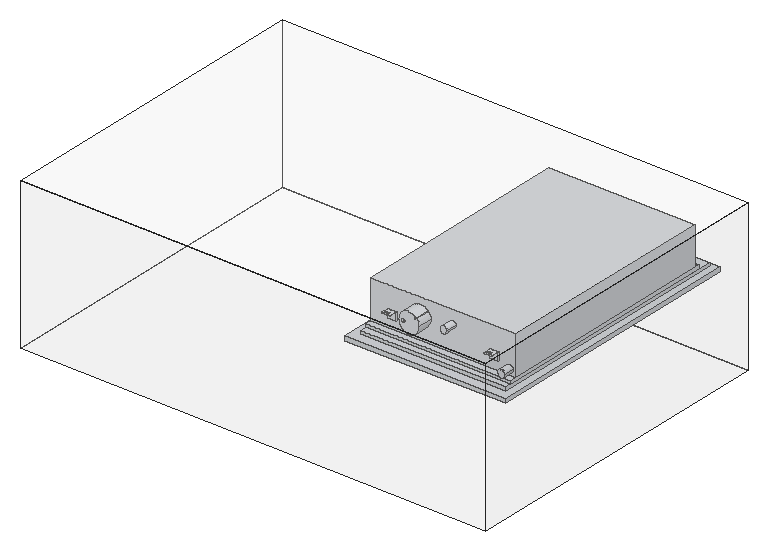
Revit family "pmfy-p36_80fmg9_50hz", category 機械設備, Revit 2019
Family settings
  丸型コネクタ寸法 = 直径を使用
  パーツ タイプ = 標準
  OmniClass 番号 = 23.75.10.24.21.27.27
  OmniClass タイトル = Split System Air Conditioning Units
  作業面ベース = いいえ
  常に垂直 = はい
  ロード時にボイドで切り取り = いいえ
  共有 = いいえ
  部屋計算ポイント = はい
Parameters (values of type "天井1方向_PMFY-P36FMG9")
  風量（静）（m3／min） = 11
  風量（強）（m3／min） = 14
  風量（弱）（m3／min） = 12
  風量（中）（m3／min） = 13
  風量 = MAX風量  # 840.0 m³/h
  音響パワーレベル（弱）(dB) = 47
  音響パワーレベル（中2）(dB) = 49
  音響パワーレベル（中1）(dB) = 51
  音響パワーレベル(dB) = 53
  電源種別 = ""
  電源_H = 60 mm
  電圧 = 200 V
  電動機出力_送風機 = 0.09 kW
  運転質量 = 0.00 kg
  連動 = ""
  質量 = if(製品質量 > 運転質量, 製品質量, 運転質量) * 1.2  # 39.00 kg
  負荷分類 = 3_ファン類
  構成品番 = "PMFY-P36FMG9"
  ドレン管径 (外径) = 32 mm
  ドレン管径 = 25 mm
  サービススペース = yes
  【値が 0 の項目は組合せ形名にてご確認ください】 = ""
  URL = "https://www.mitsubishielectric.co.jp/ldg/wink/ssl/displayProduct.do?pid=321266"
  説明 = "店舗・事務所用パッケージエアコン(Mr.SLIM) [本体]1方向天井カセット形"
  設計暖房能力 = 0.00 kW
  設計冷房能力_顕熱 = 0 kW
  設計冷房能力 = 0 kW
  設置方法 = "カセット形"
  記号 = ""
  製造元 = "三菱電機株式会社"
  製品質量 = 32.50 kg
  製品出荷対象 = "国内"
  製品リリース年月 = "2022/9/15"
  製品グループ = ""
  系統 = ""
  符号 = "PAC-CK1"
  積算_科目 = "1 空気調和設備"
  積算_拾い区分 [instance] = ""
  相 = 1
  盤記号 = ""
  発停方法 = "付属スイッチ"
  特殊仕様 = ""
  火災停止 = ""
  消費電力_暖房 = 0.06 kW
  消費電力_冷房 = 0.07 kW
  消費電力 = if(消費電力_冷房 > 消費電力_暖房, 消費電力_冷房, 消費電力_暖房)  # 0.07 kW
  法定耐用年数 = "6"
  極数 = 1
  材質 = ""
  本体マテリアル = none
  有効加湿量 = 0
  暖房能力 = 4.00 kW
  推奨ブレーカー容量 = 0 A
  形式_加湿器 = ""
  形式 = "1方向天井カセット形"
  幹線記号 = ""
  始動方式 = "直入"
  呼称 = "パッケージ形空気調和機_室内機"
  周波数 = 50 Hz
  吊り位置Y = 1173 mm
  吊り位置X = 510 mm
  吊りボルト_H = 117 mm
  台数_手元リモコン = ""
  台数_冷媒分岐ユニット = ""
  参照している仕様書等のバージョン = "公共建築工事標準仕様書（機械設備工事編）平成31年度版"
  加湿給水管径 = 0 mm
  分類コード = "50053003123030"
  分類グループ = ""
  冷房能力 = 3.6 kW
  冷媒高低圧ガス管径 = 0 mm
  冷媒管径符号 = "Ac"
  冷媒管径 = 100 mm
  冷媒液管高さ = 171 mm
  冷媒液管長さ = 72 mm
  冷媒液管径 = 6.4 mm
  冷媒ガス管高さ = 141 mm
  冷媒ガス管長さ = 72 mm
  冷媒ガス管径 = 12.7 mm
  企業コード = "108420"
  付属品_フィルター = ""
  付属品 = ""
  仕様書バージョン = "Version1.0"
  Model = ""
  パネルマテリアル = none
  ドレン管高さ = 159 mm
  コメント [instance] = ""
  ケーブル種類 = ""
  ケーブルサイズ = 0 mm
  Width = 724 mm
  Version = ""
  Uniclass2015Version = "Systems v1.9"
  Uniclass2015Title = "Split coil remote air cooled condensing units"
  Uniclass2015Code = "Pr_70_65_03_84"
  SpecificationReference = ""
  SpecificationDescription = ""
  S_H = 230 mm
  Revision = ""
  ProductInformation = ""
  Panel Width = 800 mm
  Panel Height = 20 mm
  Panel Depth = 1340 mm
  OmniClassCode = "23-33 17 13 11"
  MIN風量 = 風量（静）（m3／min） * 60.0 m³/h  # 660.0 m³/h
  MID風量2 = 風量（弱）（m3／min） * 60.0 m³/h  # 720.0 m³/h
  MID風量 = 風量（中）（m3／min） * 60.0 m³/h  # 780.0 m³/h
  MAX風量 = 風量（強）（m3／min） * 60.0 m³/h  # 840.0 m³/h
  IfcTypeProduct = ""
  IfcProduct = ""
  IfcExportType = "AIRCONDITIONINGUNIT"
  IfcExportAs = "IfcUnitaryEquipmentType"
  Height = 225 mm
  Depth = 1112 mm
  価格 = 0
  Clearance Top = 230 mm
  Clearance Right = 20 mm
  Clearance Left = 1500 mm
  Clearance Front = 150 mm
  Clearance Bottom = 500 mm
  Clearance Back = 150 mm
  Author = "三菱電機株式会社"
Types (5, lengths in mm): name | 風量（静）（m3／min） | 風量（強）（m3／min） | 風量（弱）（m3／min） | 風量（中）（m3／min） | 風量 | 音響パワーレベル（弱）(dB) | 音響パワーレベル（中2）(dB) | 音響パワーレベル（中1）(dB) | 音響パワーレベル(dB) | 電源_H | 電動機出力_送風機 | 質量 | 構成品番 | URL | 製品質量 | 消費電力_暖房 | 消費電力_冷房 | 消費電力 | 暖房能力 | 冷房能力 | 冷媒管径符号 | 冷媒液管径 | 冷媒ガス管径 | MIN風量 | MID風量2 | MID風量 | MAX風量
  天井1方向_PMFY-P36FMG9 | 11 | 14 | 12 | 13 | 840.0 m³/h | 47 | 49 | 51 | 53 | 60 | 0.09 kW | 39.00 kg | "PMFY-P36FMG9" | "https://www.mitsubishielectric.co.jp/ldg/wink/ssl/displayProduct.do?pid=321266" | 32.50 kg | 0.06 kW | 0.07 kW | 0.07 kW | 4.00 kW | 3.6 kW | "Ac" | 6.4 | 12.7 | 660.0 m³/h | 720.0 m³/h | 780.0 m³/h | 840.0 m³/h
  天井1方向_PMFY-P45FMG9 | 11 | 15 | 12 | 14 | 900.0 m³/h | 47 | 50 | 52 | 54 | 60 | 0.09 kW | 39.00 kg | "PMFY-P45FMG9" | "https://www.mitsubishielectric.co.jp/ldg/wink/ssl/displayProduct.do?pid=321237" | 32.50 kg | 0.06 kW | 0.07 kW | 0.07 kW | 5.00 kW | 4.5 kW | "Ac" | 6.4 | 12.7 | 660.0 m³/h | 720.0 m³/h | 840.0 m³/h | 900.0 m³/h
  天井1方向_PMFY-P56FMG9 | 11 | 16 | 12 | 14 | 960.0 m³/h | 48 | 50 | 52 | 55 | 60 | 0.09 kW | 39.00 kg | "PMFY-P56FMG9" | "https://www.mitsubishielectric.co.jp/ldg/wink/ssl/displayProduct.do?pid=321238" | 32.50 kg | 0.07 kW | 0.08 kW | 0.08 kW | 6.30 kW | 5.6 kW | "Ac" | 6.4 | 12.7 | 660.0 m³/h | 720.0 m³/h | 840.0 m³/h | 960.0 m³/h
  天井1方向_PMFY-P71FMG9 | 14 | 19 | 16 | 17 | 1140.0 m³/h | 51 | 53 | 54 | 56 | 60 | 0.095 kW | 40.20 kg | "PMFY-P71FMG9" | "https://www.mitsubishielectric.co.jp/ldg/wink/ssl/displayProduct.do?pid=321239" | 33.50 kg | 0.09 kW | 0.10 kW | 0.10 kW | 8.00 kW | 7.1 kW | "Bd" | 9.5 | 15.9 | 840.0 m³/h | 960.0 m³/h | 1020.0 m³/h | 1140.0 m³/h
  天井1方向_PMFY-P80FMG9 | 14 | 20 | 16 | 18 | 1200.0 m³/h | 51 | 53 | 55 | 58 | 0 | 0.095 kW | 40.20 kg | "PMFY-P80FMG9" | "https://www.mitsubishielectric.co.jp/ldg/wink/ssl/displayProduct.do?pid=321269" | 33.50 kg | 0.09 kW | 0.10 kW | 0.10 kW | 9.00 kW | 8 kW | "Bd" | 9.5 | 15.9 | 840.0 m³/h | 960.0 m³/h | 1080.0 m³/h | 1200.0 m³/h
Reference planes
  plane 1 "中心(正面/背面)": y = 0
  plane 2: z = 0
  plane 3 "中心(左/右)": x = 0
  plane 4: x = -400
  plane 5: x = 400
  plane 6: y = 670
  plane 7: y = -670
  plane 8: z = 225
  plane 9: z = 230
  plane 10: x = -255
  plane 11: x = 255
  plane 12: y = 586.5
  plane 13: y = -586.5
  plane 14: y = 556
  plane 15: y = -556
  plane 16: x = -362
  plane 17: x = 362
  plane 18: x = -1900
  plane 19: x = 420
  plane 20: y = 820
  plane 21: y = -820
  plane 22: z = 230
  plane 23: z = -20
  plane 24: z = -520
Dimensions and locks
  equal spacing: plane 4, plane 3 "中心(左/右)", plane 5
  plane 4 to plane 5 = 800 mm
  equal spacing: plane 7, plane 1 "中心(正面/背面)", plane 6
  plane 4 to plane 10 = 145 mm
  plane 11 to plane 5 = 145 mm
  "S_H": plane 9 to level
  "吊り位置X": plane 10 to plane 11
  equal spacing: plane 10, plane 3 "中心(左/右)", plane 11
  equal spacing: plane 13, plane 1 "中心(正面/背面)", plane 12
  "吊り位置Y": plane 13 to plane 12
  equal spacing: plane 15, plane 1 "中心(正面/背面)", plane 14
  "Depth": plane 15 to plane 14
  equal spacing: plane 16, plane 3 "中心(左/右)", plane 17
  "Width": plane 16 to plane 17
  "Clearance Left": plane 18 to plane 4
  "Clearance Right": plane 5 to plane 19
  "Clearance Back": plane 6 to plane 20
  "Clearance Front": plane 21 to plane 7
  locked: level to plane 23 at 20
  "Clearance Bottom": plane 23 to plane 24
  "Clearance Top": plane 22 to level
  plane 12 to plane 6 = 83.5 mm
  plane 7 to plane 13 = 83.5 mm
  plane 7 to plane 6 = 1340 mm
  "Height": plane 8 to level
  nested 3 to plane 2 = 117 mm
  aligned and locked: level to plane 2
  aligned and locked: plane 10 to nested 2
  aligned and locked: plane 11 to nested 2
  aligned and locked: nested 2 to plane 12
  aligned and locked: plane 13 to nested 2
  aligned and locked: plane 18 to nested 1
  aligned and locked: plane 19 to nested 1
  aligned and locked: nested 1 to plane 21
  aligned and locked: nested 1 to plane 20
  aligned and locked: plane 22 to nested 1
  aligned and locked: plane 24 to nested 1
  aligned and locked: plane 1 "中心(正面/背面)" to nested 3
  aligned and locked: nested 3 to plane 3 "中心(左/右)"
Nested families
  nested 1: "サービススペース" at (-740, 0, -145), visible <- "サービススペース", type "サービススペース"
    with Width 2320 mm, Height 750 mm, Depth 1640 mm
  nested 2: "固定点" at (-255, -586.5, 0), type "固定点"
    with W 510 mm, D 1173 mm
  nested 3: "PM-RP○○FA17" at (0, 0, 0) x (0, -1, 0) z (0, 0, 1), type "PM-RP○○FA17"
    with ユニット表示 yes, 冷媒液管径-Z 171 mm, 冷媒ガス管径-Z 141 mm, ドレン配管サイズ 32 mm
Connectors
  piping at (47, -613, 159), diameter 25, driven by "ドレン管径"
    settings: on nested 3, index 1, connector inside diameter 609.6 mm, connector length 0 mm, flow factor 0, pipe flow 0.0 L/s, pressure drop 0.0 Pa, fitting loss kfactor 0, connector angle 0.00°, fixture units 0, engagement length 0 mm, angle of deflection 0.00°, flow configuration 1, flow direction 2, fitting loss method 4, system type 16, joint type 0, gender type 0, connector reference index -1, connector utility 0, adjustable connector no, is connector primary yes, connector description ""
  piping at (-113, -628, 141), diameter 100, driven by "冷媒管径", driven by "冷媒管径符号"
    settings: on nested 3, index 2, connector inside diameter 609.6 mm, connector length 0 mm, flow factor 0, pipe flow 0.0 L/s, pressure drop 0.0 Pa, fitting loss kfactor 0, connector angle 0.00°, fixture units 0, engagement length 0 mm, angle of deflection 0.00°, flow configuration 1, flow direction 1, fitting loss method 4, system type 7, joint type 0, gender type 0, connector reference index -1, connector utility 0, adjustable connector no, is connector primary no, connector description "Ac"
  electrical at (330, -606, 60), driven by "極数", driven by "負荷分類", driven by "電圧", driven by "消費電力"
    settings: on nested 3, index 3, voltage 200 V, apparent load 70 VA, apparent load phase1 0 VA, apparent load phase2 0 VA, apparent load phase3 0 VA, power factor 1, load classification "3_ファン類", number of poles 1, system type 30, power factor state 1, is connector primary yes, connector utility no, sub classification motor no, connector description ""
Definition of nested family "サービススペース"
  Parameters (values of type "サービススペース")
    Width [instance] = 500 mm
    Height [instance] = 500 mm
    Depth [instance] = 500 mm
  Reference planes
    plane 1 "中心(正面/背面)": y = 0
    plane 2: z = 0
    plane 3 "中心(左/右)": x = 0
    plane 4: y = -250
    plane 5: x = 250
    plane 6: y = 250
    plane 7: x = -250
    plane 8: z = 250
    plane 9: z = -250
  Forms (mm)
    Extrusion 1, solid
      sketch origin (-638.939, 0, 72.39) x (1, 0, 0) y (0, 1, 0)
        loop
          line (388.939, 250) -> (388.939, -250) -> (888.939, -250) -> (888.939, 250) -> (388.939, 250)
      from -322.39 to 177.61
  Lines and regions (mm)
    symbolic lines
      curve 1: line (-250, 0, 250) -> (250, 0, 250)
      curve 2: line (-250, 0, -250) -> (-250, 0, 250)
      curve 3: line (250, 0, -250) -> (-250, 0, -250)
      curve 4: line (250, 0, 250) -> (250, 0, -250)
      curve 5: line (0, -250, 250) -> (0, 250, 250)
      curve 6: line (0, -250, -250) -> (0, -250, 250)
      curve 7: line (0, 250, -250) -> (0, -250, -250)
      curve 8: line (0, 250, 250) -> (0, 250, -250)
      curve 9: line (-250, 250, 0) -> (250, 250, 0)
      curve 10: line (-250, -250, 0) -> (-250, 250, 0)
      curve 11: line (250, -250, 0) -> (-250, -250, 0)
      curve 12: line (250, 250, 0) -> (250, -250, 0)
  Dimensions and locks
    equal spacing: plane 7, plane 3 "中心(左/右)", plane 5
    equal spacing: plane 4, plane 1 "中心(正面/背面)", plane 6
    "Depth": plane 4 to plane 6
    "Width": plane 7 to plane 5
    equal spacing: plane 8, plane 2, plane 9
    "Height": plane 8 to plane 9
    aligned and locked: plane 9 to curve 3
    aligned and locked: plane 7 to curve 2
    aligned and locked: curve 4 to plane 5
    aligned and locked: plane 5 to Extrusion 1
    aligned and locked: Extrusion 1 to plane 7
    aligned and locked: Extrusion 1 to plane 9
    aligned and locked: plane 8 to Extrusion 1
    aligned and locked: plane 9 to curve 7
  Automatic sketch dimensions
    plane 4 to Extrusion 1 sketch curve = 0 mm
    Extrusion 1 sketch curve to plane 7 = 0 mm
    Extrusion 1 sketch curve to plane 5 = 0 mm
    plane 6 to Extrusion 1 sketch curve = 0 mm
    curve 2 to plane 8 = 0 mm
    plane 4 to curve 11 = 0 mm
    curve 11 to plane 7 = 0 mm
    curve 11 to plane 5 = 0 mm
    plane 6 to curve 10 = 0 mm
    curve 7 to plane 4 = 0 mm
    curve 7 to plane 6 = 0 mm
    curve 6 to plane 8 = 0 mm
Definition of nested family "PM-RP○○FA17"
  Parameters (values of type "PM-RP○○FA17")
    配線取出口サイズ = 36 mm
    配線取出口-Z = 60 mm
    配線取出口-Y = 32 mm
    配線取出口-X = 50 mm
    液配管サイズ = 6.4 mm
    冷媒ガス管径-Z2 = 141 mm
    冷媒ガス管径-Z1 = 171 mm
    A = 幅さ + 228 mm  # 1340 mm
    高さ = 225 mm
    奥行き = 724 mm
    吊りボルト_H = 117 mm
    冷媒配管 = 100 mm
    冷媒液管径-Z = 156 mm
    冷媒液管径-Y = 445 mm
    冷媒液管径-X = 72 mm
    冷媒ガス管径-Z = 156 mm
    冷媒ガス管径-Y = 505 mm
    冷媒ガス管径-X = 72 mm
    ユニット表示 [instance] = yes
    ボルトピッチ = 510 mm
    ドレン配管サイズ = 25 mm
    ドレン管径-Z = 159 mm
    ドレン管径-Y = 315 mm
    ドレン管径-X = 57 mm
    ガス配管サイズ = 12.7 mm
    D = 幅さ + 61 mm  # 1173 mm
    幅さ = 1112 mm
    B = 幅さ + 188 mm  # 1300 mm
  Reference planes
    plane 1 "中心(正面/背面)": y = 0
    plane 2: z = 0
    plane 3 "中心(左/右)": x = 0
    plane 4: x = -670
    plane 5: x = 670
    plane 6: y = 400
    plane 7: y = -400
    plane 8: z = 225
    plane 9: z = -20
    plane 10: x = -556
    plane 11: x = 556
    plane 12: y = 362
    plane 13: y = -362
    plane 14: z = 16
    plane 15: x = -650
    plane 16: x = 650
    plane 17: x = 586.5
    plane 18: x = -586.5
    plane 19: z = 32
    plane 20: x = 620
    plane 21: y = 255
    plane 22: y = -255
    plane 23: x = 628
    plane 24: y = -143
    plane 25: z = 156
    plane 26: x = 628
    plane 27: y = -83
    plane 28: x = 613
    plane 29: y = 47
    plane 30: z = 159
    plane 31: x = 606
    plane 32: y = 330
    plane 33: z = 60
    plane 34: z = 117
    plane 35: z = 115
    plane 36: z = 75
    plane 37: y = 275
    plane 38: y = 235
    plane 39: y = -235
    plane 40: y = -275
    plane 41: y = 260
    plane 42: y = 250
    plane 43: y = -250
    plane 44: y = -260
    plane 45: x = -596
    plane 46: x = 596
    plane 47: x = -558
    plane 48: x = 558
    plane 49: z = 141
    plane 50: z = 171
  Forms (mm)
    Extrusion 1, solid, visible <- "ユニット表示", detail levels fine
      sketch origin (0, 0, 0) x (1, 0, 0) y (0, 1, 0)
        loop
          line (-556, 362) -> (-556, -362) -> (556, -362) -> (556, 362) -> (-556, 362)
      from 32 to 225
    Extrusion 2, solid, visible <- "ユニット表示", detail levels fine
      sketch origin (-1437.329, -1524, 16) x (-1, 0, 0) y (0, -1, 0)
        loop
          line (-850.829, -1886) -> (-850.829, -1162) -> (-2023.829, -1162) -> (-2023.829, -1886) -> (-850.829, -1886)
      from 0 to 16
    Extrusion 3, solid, visible <- "ユニット表示", detail levels fine
      sketch origin (-1437.329, -1524, 16) x (-1, 0, 0) y (0, -1, 0)
        loop
          line (-787.329, -1886) -> (-787.329, -1162) -> (-2057.329, -1162) -> (-2057.329, -1886) -> (-787.329, -1886)
      from 0 to -16
    Extrusion 4, solid, visible <- "ユニット表示", detail levels fine
      sketch origin (556, 1296.25, 1200) x (0, 1, 0) y (0, 0, 1)
        loop
          circle (-1439.25, -1059) r 6.35
      from 0 to 72
    Extrusion 5, solid, visible <- "ユニット表示", detail levels fine
      sketch origin (556, 1296.25, 1200) x (0, 1, 0) y (0, 0, 1)
        loop
          circle (-1379.25, -1029) r 3.2
      from 0 to 72
    Extrusion 6, solid, visible <- "ユニット表示", detail levels fine
      sketch origin (556, 1296.25, 1200) x (0, 1, 0) y (0, 0, 1)
        loop
          circle (-1249.25, -1041) r 12.5
      from 0 to 57
    Extrusion 7, solid, visible <- "ユニット表示", detail levels fine
      sketch origin (556, 1296.25, 1200) x (0, 1, 0) y (0, 0, 1)
        loop
          circle (-966.25, -1140) r 18
      from 0 to 50
    Extrusion 8, solid, visible <- "ユニット表示", detail levels fine
      sketch origin (556, 1306.25, 1200) x (0, 1, 0) y (0, 0, 1)
        loop
          circle (-1419.25, -1044) r 50
      from 0 to 72
    Extrusion 9, solid, visible <- "ユニット表示"
      sketch origin (0, 0, 0) x (1, 0, 0) y (0, 1, 0)
        loop
          line (-670, 400) -> (-670, -400) -> (670, -400) -> (670, 400) -> (-670, 400)
      from 0 to -20
    Extrusion 10, solid, visible <- "ユニット表示", detail levels fine
      sketch origin (0, 0, 0) x (1, 0, 0) y (0, 1, 0)
        loop
          line (-581.5, 260) -> (-581.5, 250)
          arc (-581.5, 250) -> (-586.5, 245) -> (-591.5, 250) r 5
          line (-591.5, 250) -> (-596, 250) -> (-596, 235) -> (-556, 235) -> (-556, 275) -> (-596, 275) -> (-596, 260) -> (-591.5, 260)
          arc (-591.5, 260) -> (-586.5, 265) -> (-581.5, 260) r 5
        loop
          arc (581.5, 260) -> (586.5, 265) -> (591.5, 260) r 5
          line (591.5, 260) -> (596, 260) -> (596, 275) -> (556, 275) -> (556, 235) -> (596, 235) -> (596, 250) -> (591.5, 250)
          arc (591.5, 250) -> (586.5, 245) -> (581.5, 250) r 5
          line (581.5, 250) -> (581.5, 260)
        loop
          line (581.5, -260) -> (581.5, -250)
          arc (581.5, -250) -> (586.5, -245) -> (591.5, -250) r 5
          line (591.5, -250) -> (596, -250) -> (596, -235) -> (556, -235) -> (556, -275) -> (596, -275) -> (596, -260) -> (591.5, -260)
          arc (591.5, -260) -> (586.5, -265) -> (581.5, -260) r 5
        loop
          arc (-581.5, -260) -> (-586.5, -265) -> (-591.5, -260) r 5
          line (-591.5, -260) -> (-596, -260) -> (-596, -275) -> (-556, -275) -> (-556, -235) -> (-596, -235) -> (-596, -250) -> (-591.5, -250)
          arc (-591.5, -250) -> (-586.5, -245) -> (-581.5, -250) r 5
          line (-581.5, -250) -> (-581.5, -260)
      from 115 to 117
    Extrusion 11, solid, visible <- "ユニット表示", detail levels fine
      sketch origin (0, 0, 0) x (1, 0, 0) y (0, 1, 0)
        loop
          line (-558, 275) -> (-558, 235) -> (-556, 235) -> (-556, 275) -> (-558, 275)
        loop
          line (556, 275) -> (556, 235) -> (558, 235) -> (558, 275) -> (556, 275)
        loop
          line (556, -235) -> (556, -275) -> (558, -275) -> (558, -235) -> (556, -235)
        loop
          line (-558, -235) -> (-558, -275) -> (-556, -275) -> (-556, -235) -> (-558, -235)
      from 75 to 115
  Dimensions and locks
    equal spacing: plane 7, plane 1 "中心(正面/背面)", plane 6
    plane 7 to plane 6 = 800 mm
    equal spacing: plane 4, plane 3 "中心(左/右)", plane 5
    "A": plane 4 to plane 5
    locked: level to plane 9 at 20
    equal spacing: plane 13, plane 1 "中心(正面/背面)", plane 12
    "奥行き": plane 13 to plane 12
    equal spacing: plane 10, plane 3 "中心(左/右)", plane 11
    "幅さ": plane 10 to plane 11
    locked: plane 14 to level at 16
    equal spacing: plane 15, plane 3 "中心(左/右)", plane 16
    "B": plane 15 to plane 16
    equal spacing: plane 18, plane 3 "中心(左/右)", plane 17
    "D": plane 18 to plane 17
    equal spacing: plane 22, plane 1 "中心(正面/背面)", plane 21
    "ボルトピッチ": plane 22 to plane 21
    "冷媒ガス管径-X": plane 11 to plane 23
    "冷媒ガス管径-Y": plane 24 to plane 12
    "冷媒液管径-X": plane 11 to plane 26
    "冷媒液管径-Y": plane 27 to plane 12
    "ドレン管径-X": plane 11 to plane 28
    "ドレン管径-Y": plane 29 to plane 12
    "配線取出口-X": plane 11 to plane 31
    "配線取出口-Y": plane 32 to plane 12
    "配線取出口-Z": plane 33 to level
    "ドレン管径-Z": plane 30 to level
    "冷媒ガス管径-Z": plane 25 to level
    locked: plane 35 to plane 36 at 40
    locked: plane 34 to plane 35 at 2
    "吊りボルト_H": plane 34 to level
    plane 40 to plane 22 to plane 39 = 20 mm locked, 20 mm locked
    plane 38 to plane 21 to plane 37 = 20 mm locked, 20 mm locked
    plane 44 to plane 22 to plane 43 = 5 mm locked, 5 mm locked
    plane 42 to plane 21 to plane 41 = 5 mm locked, 5 mm locked
    locked: plane 45 to plane 10 at 40
    locked: plane 11 to plane 46 at 40
    locked: plane 11 to plane 48 at 2
    locked: plane 47 to plane 10 at 2
    plane 16 to plane 15 = 1300 mm
    plane 4 to plane 15 = 20 mm
    plane 15 to plane 10 = 94 mm
    plane 11 to plane 16 = 94 mm
    plane 12 to plane 6 = 38 mm
    locked: plane 19 to plane 14 at 16
    "高さ": plane 8 to level
    equal spacing: plane 24, Extrusion 8 sketch curve, plane 27
    plane 7 to plane 13 = 38 mm
    plane 16 to plane 5 = 20 mm
    "冷媒ガス管径-Z2": plane 49 to level
    "冷媒ガス管径-Z1": plane 50 to level
    "ガス配管サイズ": diameter of Extrusion 4 sketch curve
    "液配管サイズ": diameter of Extrusion 5 sketch curve
    "配線取出口サイズ": diameter of Extrusion 7 sketch curve
    "冷媒配管": diameter of Extrusion 8 sketch curve
    "ドレン配管サイズ": diameter of Extrusion 6 sketch curve
    aligned and locked: level to plane 2
    aligned and locked: plane 12 to Extrusion 1 sketch curve
    aligned and locked: plane 10 to Extrusion 1 sketch curve
    aligned and locked: Extrusion 1 sketch curve to plane 13
    aligned and locked: Extrusion 1 sketch curve to plane 11
    aligned and locked: plane 8 to Extrusion 1
    aligned and locked: plane 12 to Extrusion 2 sketch curve
    aligned and locked: plane 18 to Extrusion 2 sketch curve
    aligned and locked: Extrusion 2 sketch curve to plane 13
    aligned and locked: Extrusion 2 sketch curve to plane 17
    aligned and locked: plane 19 to Extrusion 2
    aligned and locked: Extrusion 1 to Extrusion 2
    aligned and locked: plane 12 to Extrusion 3 sketch curve
    aligned and locked: Extrusion 3 sketch curve to plane 13
    aligned and locked: Extrusion 3 sketch curve to plane 20
    aligned and locked: Extrusion 3 to level
    aligned and locked: plane 14 to Extrusion 3
    aligned and locked: plane 24 to Extrusion 4 sketch curve
    aligned and locked: Extrusion 4 to plane 11
    aligned and locked: plane 23 to Extrusion 4
    aligned and locked: plane 27 to Extrusion 5 sketch curve
    aligned and locked: plane 26 to Extrusion 5
    aligned and locked: Extrusion 5 to plane 11
    aligned and locked: plane 30 to Extrusion 6 sketch curve
    aligned and locked: plane 29 to Extrusion 6 sketch curve
    aligned and locked: Extrusion 6 to plane 11
    aligned and locked: plane 28 to Extrusion 6
    aligned and locked: plane 33 to Extrusion 7 sketch curve
    aligned and locked: plane 32 to Extrusion 7 sketch curve
    aligned and locked: Extrusion 7 to plane 11
    aligned and locked: plane 31 to Extrusion 7
    aligned and locked: plane 25 to Extrusion 8 sketch curve
    aligned and locked: Extrusion 8 to plane 11
    aligned and locked: plane 26 to Extrusion 8
    aligned and locked: level to Extrusion 9
    aligned and locked: Extrusion 9 to plane 9
    aligned and locked: Extrusion 10 sketch curve to plane 10
    aligned and locked: plane 34 to Extrusion 10
    aligned and locked: Extrusion 10 to plane 35
    aligned and locked: plane 37 to Extrusion 10 sketch curve
    aligned and locked: plane 45 to Extrusion 10 sketch curve  (x2)
    aligned and locked: Extrusion 10 sketch curve to plane 38
    aligned and locked: Extrusion 10 sketch curve to plane 42
    aligned and locked: Extrusion 10 sketch curve to plane 41
    aligned and locked: plane 41 to Extrusion 10 sketch curve  (x3)
    aligned and locked: plane 42 to Extrusion 10 sketch curve  (x3)
    aligned and locked: plane 18 to Extrusion 10 sketch curve  (x4)
    aligned and locked: plane 10 to Extrusion 10 sketch curve
    aligned and locked: Extrusion 10 sketch curve to plane 39
    aligned and locked: plane 40 to Extrusion 10 sketch curve
    aligned and locked: plane 44 to Extrusion 10 sketch curve  (x3)
    aligned and locked: plane 43 to Extrusion 10 sketch curve  (x3)
    aligned and locked: Extrusion 10 sketch curve to plane 43
    aligned and locked: Extrusion 10 sketch curve to plane 44
    aligned and locked: Extrusion 10 sketch curve to plane 45  (x2)
    aligned and locked: plane 11 to Extrusion 10 sketch curve
    aligned and locked: Extrusion 10 sketch curve to plane 46  (x2)
    aligned and locked: plane 17 to Extrusion 10 sketch curve  (x4)
    aligned and locked: Extrusion 10 sketch curve to plane 40
    aligned and locked: plane 39 to Extrusion 10 sketch curve
    aligned and locked: plane 46 to Extrusion 10 sketch curve  (x2)
    aligned and locked: plane 38 to Extrusion 10 sketch curve
    aligned and locked: Extrusion 10 sketch curve to plane 11
    aligned and locked: Extrusion 10 sketch curve to plane 37
    aligned and locked: plane 37 to Extrusion 11 sketch curve
    aligned and locked: plane 47 to Extrusion 11 sketch curve  (x2)
    aligned and locked: Extrusion 11 sketch curve to Extrusion 10  (x8)
    aligned and locked: Extrusion 11 sketch curve to plane 38
    aligned and locked: Extrusion 11 sketch curve to plane 48  (x2)
    aligned and locked: Extrusion 11 sketch curve to plane 40
    aligned and locked: plane 39 to Extrusion 11 sketch curve
    aligned and locked: Extrusion 11 to Extrusion 10
    aligned and locked: Extrusion 11 to plane 36
    aligned and locked: plane 49 to Extrusion 4 sketch curve
    aligned and locked: plane 50 to Extrusion 5 sketch curve
  Automatic sketch dimensions
    Extrusion 9 sketch curve to plane 4 = 0 mm
    Extrusion 9 sketch curve to plane 5 = 0 mm
    plane 7 to Extrusion 9 sketch curve = 0 mm
    plane 6 to Extrusion 9 sketch curve = 0 mm
    Extrusion 10 sketch curve to plane 18 = 5 mm  (x2)
    Extrusion 10 sketch curve to plane 17 = 5 mm  (x2)
    Extrusion 3 sketch curve to plane 15 = 0 mm
Definition of nested family "固定点"
  Parameters (values of type "固定点")
    中心円 = 20 mm
    W [instance] = 1000 mm
    D [instance] = 1000 mm
  Reference planes
    plane 1 "中心(正面/背面)": y = 0
    plane 2: z = 0
    plane 3 "中心(左/右)": x = 0
    plane 4: x = 1000
    plane 5: y = 1000
  Lines and regions (mm)
    symbolic lines, detail levels fine
      curve 1: circle (0, 1000, 0) r 10 normal (0, 0, 1)
      curve 2: circle (0, 0, 0) r 10 normal (0, 0, 1)
      curve 3: circle (1000, 1000, 0) r 10 normal (0, 0, 1)
      curve 4: circle (1000, 0, 0) r 10 normal (0, 0, 1)
      curve 5: line (-200, 1000, 0) -> (1200, 1000, 0)
      curve 6: line (-200, 0, 0) -> (1200, 0, 0)
      curve 7: line (0, 1200, 0) -> (0, -200, 0)
      curve 8: line (1000, 1200, 0) -> (1000, -200, 0)
  Dimensions and locks
    "W": plane 3 "中心(左/右)" to plane 4
    "D": plane 1 "中心(正面/背面)" to plane 5
    "中心円": diameter of curve 1
    "中心円": diameter of curve 2
    "中心円": diameter of curve 3
    "中心円": diameter of curve 4
    aligned and locked: level to plane 2
    aligned and locked: plane 5 to curve 1
    aligned and locked: plane 3 "中心(左/右)" to curve 1
    aligned and locked: plane 3 "中心(左/右)" to curve 2
    aligned and locked: plane 1 "中心(正面/背面)" to curve 2
    aligned and locked: plane 4 to curve 3
    aligned and locked: plane 5 to curve 3
    aligned and locked: plane 1 "中心(正面/背面)" to curve 4
    aligned and locked: plane 4 to curve 4
    aligned and locked: plane 1 "中心(正面/背面)" to curve 6
    aligned and locked: curve 7 to plane 3 "中心(左/右)"
    aligned and locked: curve 8 to plane 4
  Automatic sketch dimensions
    curve 5 to plane 5 = 0 mm
    curve 6 to plane 3 "中心(左/右)" = 200 mm
    curve 5 to plane 3 "中心(左/右)" = 200 mm
    curve 4 to curve 6 = 200 mm
    curve 3 to curve 5 = 200 mm
    plane 1 "中心(正面/背面)" to curve 8 = 200 mm
    plane 1 "中心(正面/背面)" to curve 7 = 200 mm
    curve 3 to curve 8 = 200 mm
    curve 1 to curve 7 = 200 mm
